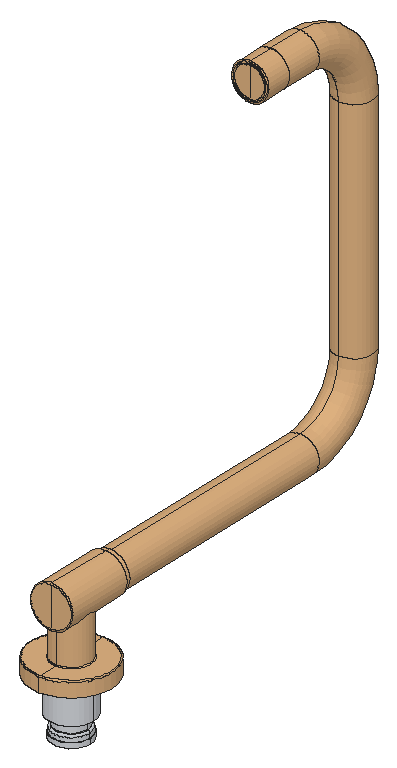
Revit family "Reece_Tap_Sussex_Scala_Square_Wall Spa Outlet", category Plumbing Fixtures, host Face, Revit 2018
Family settings
  Host = Face
  Round Connector Dimension = Use Diameter
  Part Type = Normal
  Cut with Voids When Loaded = No
  Shared = Yes
  Room Calculation Point = Yes
Parameters (values of type "290 mm_Living Tumbled Brass")
  WFU = 0  # constant formula
  URL = "https://www.reece.com.au/product/-2263153"
  Type Comments = "Tap"
  Reece_Tap_Reach = 290 mm  # constant formula
  Reece_Tap_Inlet = 12 mm  # constant formula
  Reece_Tap_Clearance = 150 mm  # constant formula
  Reece_Product_Web Page = "https://www.reece.com.au/product/-2263153"
  Reece_Product_Type = "Tap"  # constant formula
  Reece_Product_Sub Brand = "Scala"  # constant formula
  Reece_Product_Number = "2263153"
  Reece_Product_Mount = "Wall Mounted"
  Reece_Product_Description = "Sussex Scala Wall Spa Outlet Square Living Tumbled Brass"
  Reece_Product_Brand = "Sussex"  # constant formula
  Reece_Overall_Height = 277 mm  # constant formula
  Reece_Material_Main = Reece_Brass_Living Tumbled
  Reece_Detail_Type = "Wall Spa Outlet"  # constant formula
  Reece_Detail_Shape = "Square"  # constant formula
  Reece_Detail_Disclaimer = "THIS FILE IS THE PROPERTY OF THE REECE GROUP. IT MAY NOT BE REPRODUCED, REVERSE-ENGINEERED OR MODIFIED. ANY REPUBLICATION, TRANSMISSION OR DISTRIBUTION FOR THE PURPOSE OF COMMERCIALLY EXPLOITING THE FILES IS PROHIBITED."  # constant formula
  Model = "Scala"
  Manufacturer = "Sussex"
  Keynote = "Product #2263153, Reece_Tap_Sussex_Scala_Square_Wall Spa Outlet - 290 mm_Living Tumbled Brass"
  HWFU = 0  # constant formula
  Disclaimer = "THIS FILE IS THE PROPERTY OF THE REECE GROUP. IT MAY NOT BE REPRODUCED, REVERSE-ENGINEERED OR MODIFIED. ANY REPUBLICATION, TRANSMISSION OR DISTRIBUTION FOR THE PURPOSE OF COMMERCIALLY EXPLOITING THE FILES IS PROHIBITED."  # constant formula
  Description = "Scala Wall Spa Outlet Square Living Tumbled Brass"
  Default Elevation = 1000 mm
  CWFU = 0  # constant formula
Types (5, lengths in mm): name | URL | Reece_Product_Web Page | Reece_Product_Number | Reece_Product_Description | Reece_Material_Main | Keynote | Description
  290 mm_Brushed Gunmetal | "https://www.reece.com.au/product/-2263150" | "https://www.reece.com.au/product/-2263150" | "2263150" | "Sussex Scala Wall Spa Outlet Square Brushed Gunmetal" | Reece_Brass_Brushed Gunmetal | "Product #2263150, Reece_Tap_Sussex_Scala_Square_Wall Spa Outlet - 290 mm_Brushed Gunmetal" | "Scala Wall Spa Outlet Square Brushed Gunmetal\r\nScala Wall Spa Outlet Square Brushed Gunmetal\r\nScala Wall Spa Outlet Square Brushed Gunmetal\r\nScala Wall Spa Outlet Square Brushed Gunmetal"
  290 mm_Chrome | "https://www.reece.com.au/product/-2261618" | "https://www.reece.com.au/product/-2261618" | "2261618" | "Sussex Scala Wall Spa Outlet Square Chrome" | Reece_Brass_Chrome | "Product #2261618, Reece_Tap_Sussex_Scala_Square_Wall Spa Outlet - 290 mm_Chrome" | "Scala Wall Spa Outlet Square Chrome"
  290 mm_Living Tumbled Brass | "https://www.reece.com.au/product/-2263153" | "https://www.reece.com.au/product/-2263153" | "2263153" | "Sussex Scala Wall Spa Outlet Square Living Tumbled Brass" | Reece_Brass_Living Tumbled | "Product #2263153, Reece_Tap_Sussex_Scala_Square_Wall Spa Outlet - 290 mm_Living Tumbled Brass" | "Scala Wall Spa Outlet Square Living Tumbled Brass"
  290 mm_Matte Black | "https://www.reece.com.au/product/-2263151" | "https://www.reece.com.au/product/-2263151" | "2263151" | "Sussex Scala Wall Spa Outlet Square Matte Black" | Reece_Brass_Matte Black | "Product #2263151, Reece_Tap_Sussex_Scala_Square_Wall Spa Outlet - 290 mm_Matte Black" | "Scala Wall Spa Outlet Square Matte Black"
  290 mm_Satin Chrome | "https://www.reece.com.au/product/-2261663" | "https://www.reece.com.au/product/-2261663" | "2261663" | "Sussex Scala Wall Spa Outlet Square Satin Chrome" | Reece_Brass_Satin Chrome | "Product #2261663, Reece_Tap_Sussex_Scala_Square_Wall Spa Outlet - 290 mm_Satin Chrome" | "Scala Wall Spa Outlet Square Satin Chrome"
Reference planes
  plane 1 "Center (Front/Back)": y = 0
  plane 2 "Bottom": z = 0
  plane 3 "Center (Left/Right)": x = 0
  plane 4: z = 47
  plane 5: y = 150
  plane 6: y = 250
  plane 7: z = 290
  plane 8: y = -27
  plane 9: y = 27
  plane 10: x = -27
  plane 11: x = 27
  plane 12: x = -14
  plane 13: x = 14
  plane 14: y = -16.8
Forms (mm)
  Sweep 1, solid, material "Reece_Brass_Living Tumbled" <- "Reece_Material_Main"
    path origin (0, 25, 47) x (0, 0, -1) y (0, 1, 0)
      loop
        line (0, 7.2) -> (0, 167.5)
        arc (0, 167.5) -> (-13.18, 199.32) -> (-45, 212.5) r 45
        line (-45, 212.5) -> (-198, 212.5)
        arc (-198, 212.5) -> (-229.82, 199.32) -> (-243, 167.5) r 45
        line (-243, 167.5) -> (-243, 142.8)
    profile origin (0, 112.35, 47) x (0, 0, 1) y (1, 0, 0)
      loop
        circle (0, 0) r 12.5
  Extrusion 2, void
    sketch origin (0, 0, 0) x (1, 0, 0) y (0, 1, 0)
      loop
        circle (0, 0) r 16.5
    from 0 to -56.705
  Revolve 3, solid, material "Reece_Brass_Living Tumbled" <- "Reece_Material_Main"
    sketch origin (0, 0, 0) x (0, 1, 0) y (0, 0, 1)
      loop
        line (0, 0) -> (0, 47) -> (-12.5, 47) -> (-12.5, 10.5)
        arc (-12.5, 10.5) -> (-12.646, 10.146) -> (-13, 10) r 0.5
        line (-13, 10) -> (-26.4, 10)
        arc (-26.4, 10) -> (-26.824, 9.824) -> (-27, 9.4) r 0.6
        line (-27, 9.4) -> (-27, 0) -> (0, 0)
      axis (0, 47) -> (0, 0)
    angle from 0 to 360
  Revolve 4, solid, material "Reece_Brass_Living Tumbled" <- "Reece_Material_Main"
    sketch origin (0, 0, 0) x (0, 1, 0) y (0, 0, 1)
      loop
        line (28.3, 47) -> (32.2, 47) -> (32.2, 60.271) -> (28.7, 60.271) -> (28.7, 61.1) -> (-16.3, 61.1)
        arc (-16.3, 61.1) -> (-16.654, 60.954) -> (-16.8, 60.6) r 0.5
        line (-16.8, 60.6) -> (-16.8, 47) -> (28.3, 47)
      axis (32.2, 47) -> (-16.8, 47)
    angle from 0 to 360
  Revolve 5, solid, material "Reece_Brass_Living Tumbled" <- "Reece_Material_Main"
    sketch origin (0, 27.7, 43) x (0, 1, 0) y (0, 0, 1)
      loop
        line (141.334, 247) -> (141.334, 258.719) -> (139.8, 258.719) -> (139.8, 259.5) -> (122.8, 259.5)
        arc (122.8, 259.5) -> (122.446, 259.354) -> (122.3, 259) r 0.5
        line (122.3, 259) -> (122.3, 258.094) -> (123.488, 258.094) -> (123.488, 257.244) -> (122.3, 257.034) -> (122.3, 247) -> (141.334, 247)
      axis (141.334, 247) -> (122.3, 247)
    angle from 0 to 360
  Revolve 6, solid
    sketch origin (128.901, 0, 1219.2) x (1, 0, 0) y (0, 0, 1)
      loop
        line (-130.291, -1261.136) -> (-128.901, -1261.136) -> (-128.901, -1219.2) -> (-143.874, -1219.2) -> (-143.874, -1242.939) -> (-139.681, -1242.939) -> (-139.681, -1249.636) -> (-139.115, -1250.202) -> (-139.915, -1250.202)
        arc (-139.915, -1250.202) -> (-140.755, -1250.55) -> (-141.103, -1251.39) r 1.188
        line (-141.103, -1251.39) -> (-141.103, -1254.152) -> (-141.903, -1254.152) -> (-141.903, -1257.398) -> (-132.464, -1257.398) -> (-130.291, -1261.136)
      axis (-128.901, -1219.2) -> (-128.901, -1261.136)
    angle from 0 to 360
Cuts and joins
  joined: Sweep 1, Revolve 3, Revolve 4
Text (mm)
  text "Reece Copyright © 2018, Reece Ltd." at (-1403.988, -1192.393, 0), in view "Ref. Level"
  text "Reece ©" at (44.384, 258.95, 192.345), in view "Reece Preview"
Dimensions and locks
  plane 4 to plane 2 "Bottom" = 47 mm
  "Reece_Tap_Reach": plane 7 to plane 2 "Bottom"
  plane 6 to plane 1 "Center (Front/Back)" = 250 mm
  "Reece_Tap_Clearance": plane 5 to plane 1 "Center (Front/Back)"
  "Reece_Overall_Height": plane 6 to plane 8
  plane 9 to plane 8 = 54 mm
  plane 10 to plane 11 = 54 mm
  plane 7 to plane 2 "Bottom" = 290 mm
  plane 13 to plane 12 = 28 mm
  cut or joined group of Sweep 1, Revolve 3, Revolve 4 to plane 2 "Bottom" = 10 mm
  cut or joined group of Sweep 1, Revolve 3, Revolve 4 to plane 14 = 49 mm
  aligned and locked: plane 2 "Bottom" to host face
  aligned and locked: level to host face
Automatic sketch dimensions
  host sketch curve to host sketch curve = 380.785 mm
  host sketch curve to host sketch curve = 317.421 mm
  Sweep 1 sketch curve to profile plane = 0 mm  (x2)
  Sweep 1 sketch curve to plane 7 = 0 mm
  plane 4 to Sweep 1 sketch curve = 0 mm
  plane 6 to Sweep 1 sketch curve = 12.5 mm
  Sweep 1 sketch curve to plane 7 = 45 mm
  Sweep 1 sketch curve to Sweep 1 sketch curve = 45 mm
  Sweep 1 sketch curve to plane 9 = 5.2 mm
  plane 1 "Center (Front/Back)" to Extrusion 2 sketch curve = 0 mm
  Extrusion 2 sketch curve to plane 3 "Center (Left/Right)" = 0 mm
  Revolve 5 sketch curve to plane 5 = 0 mm  (x2)
  Revolve 5 sketch curve to plane 7 = 0 mm  (x2)
  Revolve 5 sketch curve to plane 5 = 0.5 mm
  Revolve 5 sketch curve to plane 5 = 1.188 mm
  Revolve 5 sketch curve to Revolve 5 sketch curve = 16.312 mm
  Revolve 5 sketch curve to Revolve 5 sketch curve = 1.534 mm
  plane 7 to Revolve 5 sketch curve = 10.034 mm
  Revolve 5 sketch curve to Revolve 5 sketch curve = 0.209 mm
  Revolve 5 sketch curve to Revolve 5 sketch curve = 1.06 mm
  plane 7 to Revolve 5 sketch curve = 11.719 mm
  Revolve 5 sketch curve to Revolve 5 sketch curve = 0.906 mm
  Revolve 5 sketch curve to plane 5 = 6 mm
  Revolve 5 sketch curve to Revolve 5 sketch curve = 1.966 mm
  Sweep 1 sketch curve to plane 5 = 17.8 mm
  plane 4 to Revolve 4 sketch curve = 0 mm  (x2)
  plane 8 to Revolve 4 sketch curve = 10.2 mm
  Revolve 4 sketch curve to Revolve 4 sketch curve = 0.5 mm
  Revolve 4 sketch curve to plane 9 = 1.7 mm
  Revolve 4 sketch curve to plane 9 = 1.3 mm
  Revolve 4 sketch curve to Revolve 4 sketch curve = 13.271 mm
  Revolve 4 sketch curve to plane 4 = 13.6 mm
  Revolve 4 sketch curve to Revolve 4 sketch curve = 2.752 mm
  plane 9 to Revolve 4 sketch curve = 10.9 mm
  Revolve 4 sketch curve to Revolve 4 sketch curve = 3.9 mm
  Revolve 6 sketch curve to level = 0 mm
  Revolve 6 sketch curve to plane 3 "Center (Left/Right)" = 0 mm  (x2)
  Revolve 6 sketch curve to plane 3 "Center (Left/Right)" = 1.39 mm
  Revolve 6 sketch curve to plane 3 "Center (Left/Right)" = 3.563 mm
  plane 12 to Revolve 6 sketch curve = 3.786 mm
  Revolve 6 sketch curve to Revolve 6 sketch curve = 0.566 mm  (x2)
  Revolve 6 sketch curve to Revolve 6 sketch curve = 0.8 mm  (x2)
  plane 12 to Revolve 6 sketch curve = 1.798 mm
  Revolve 6 sketch curve to plane 12 = 0.973 mm
  Revolve 6 sketch curve to level = 23.739 mm
  Revolve 6 sketch curve to Revolve 6 sketch curve = 6.697 mm
  Revolve 6 sketch curve to Revolve 6 sketch curve = 2.762 mm
  Revolve 6 sketch curve to Revolve 6 sketch curve = 3.246 mm
  Revolve 6 sketch curve to Revolve 6 sketch curve = 3.739 mm
  Revolve 6 sketch curve to Revolve 6 sketch curve = 0.681 mm
  level to Revolve 6 sketch curve = 8.93 mm
  level to Revolve 3 sketch curve = 0 mm
  Revolve 3 sketch curve to plane 8 = 0 mm
  plane 4 to Revolve 3 sketch curve = 0 mm
  Revolve 3 sketch curve to plane 1 "Center (Front/Back)" = 0 mm  (x2)
  Revolve 3 sketch curve to Revolve 3 sketch curve = 0.6 mm
  Revolve 3 sketch curve to plane 14 = 3.8 mm
  level to Revolve 3 sketch curve = 9.4 mm
  Revolve 3 sketch curve to Revolve 3 sketch curve = 0.5 mm
  Revolve 3 sketch curve to level = 12.434 mm
  Revolve 3 sketch curve to Revolve 3 sketch curve = 2.566 mm
  radius of Sweep 1 sketch curve = 12.5 mm
  radius of Extrusion 2 sketch curve = 16.5 mm
Connectors
  piping at (0, 0, -38.198), diameter 12, driven by "Reece_Tap_Inlet"
    settings: on Revolve 6, index 1, connector inside diameter 609.6 mm, connector length 0 mm, flow factor 0, pipe flow 0.0 L/s, pressure drop 0.0 Pa, fitting loss kfactor 0, connector angle 0.00°, fixture units 0, engagement length 0 mm, angle of deflection 0.00°, flow configuration 0, flow direction 1, fitting loss method 0, system type 29, joint type 0, gender type 0, connector reference index -1, connector utility 0, adjustable connector no, is connector primary yes, connector description ""
